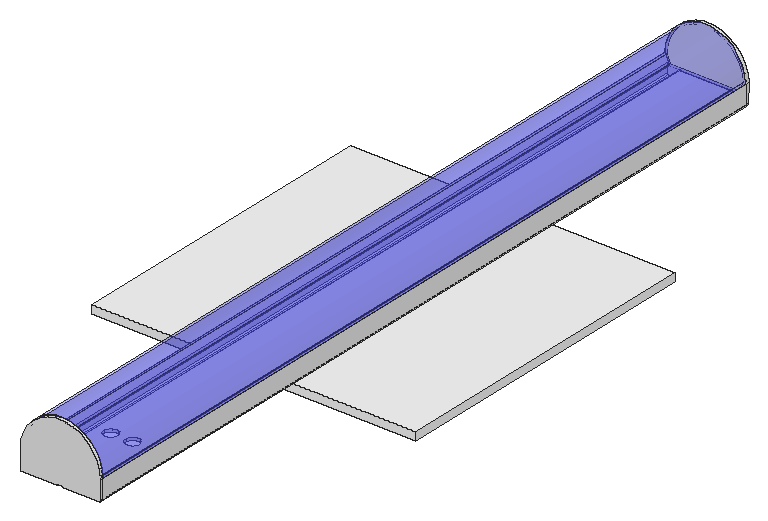
Revit family "BE_51246.3_de_DE", category Leuchten, Revit 2020
Family settings
  Basisbauteil = Fläche
  Bemaßung runder Anschluss = Durchmesser verwenden
  Teiletyp = Normal
  Beim Laden mit Abzugskörper schneiden = Ja
  Lichtquelle = Ja
  Gemeinsam genutzt = Nein
  Raumberechnungspunkt = Ja
Parameters (values of type "BEGA_51246.3_K3")
  built-in parameter 1150104 = 14.054 (stored number, unit not read)
  Wattage = 39 W
  Default Elevation = 0 mm
  built-in parameter 1150113 = 1 (stored number, unit not read)
  built-in parameter 1114218 = 1 (stored number, unit not read)
  Umgebungstemperatur = "25 °C"
  URL = "https://www.bega.com/de/produkt/51246.3"
  Typenkommentare = "© 2023 BEGA. Wir behalten uns das Recht vor, technische Änderungen ohne vorherige Ankündigung vorzunehmen."  # constant formula
  built-in parameter 1150134 = (empty or 0)
  built-in parameter 1150109 = 1 (stored number, unit not read)
  Strom = ""
  built-in parameter 1150110 = 1 (stored number, unit not read)
  Spannung = 239.996 V
  Sonderanfertigung = no
  Seriennummer [instance] = "Hier können Sie die eindeutige Seriennummer für das Facility Management eintragen."
  Schutzklasse = "I"
  Schutzart = "IP 44"
  Scheinlast = 0 VA
  Produktdatenblatt = "https://cdn.bega.com/bega/products/51246.3K3/current/documents/data-sheets/de"
  Oberflächentemperatur = ""
  Neigungswinkel = 0.00°
  Modell = "51246.3K3"
  Material_23 = BEGA_Oberfläche_Chrom_poliert
  Material_14 = BEGA_Kunststoff_opal
  M_W = no
  M_G = no
  M_A = no
  Logo = 0
  built-in parameter 1114217 = 1 (stored number, unit not read)
  built-in parameter 1150139 = (empty or 0)
  built-in parameter 1150105 = 469.5 (stored number, unit not read)
  built-in parameter 1150114 = 1 (stored number, unit not read)
  Lumens = 5899.92 lm
  built-in parameter 1150115 = 1 (stored number, unit not read)
  Leuchtenlichtstrom = "4172 lm"
  Leuchtenanzahl = ""
  Lebensdauerkriterien = "L70B50 @ 25 °C =  h"
  Lastklassifizierung = Beleuchtung
  built-in parameter 1150112 = 1 (stored number, unit not read)
  Lampenlichtstrom = "5900 lm"
  Lampe = "LED 39 W"
  LED_Modulbezeichnung = "2x LED-1306/930 + 4x LED-1307/930"
  Hersteller = "BEGA"  # constant formula
  Halbstreuwinkel = ""
  Gewicht = "2.95 kg"
  Gebrauchslageneinschränkung [instance] = ""
  Frequenz = "0/50-60 Hz"
  Farbwiedergabeindex = "CRI > 90"
  Farbtemperaturverschiebung bei Dämpfen der Lampe = <Keine Auswahl>
  Farbtemperatur = "3000 K"
  Color Filter = 16777215
  built-in parameter 1150133 = 10 (stored number, unit not read)
  Energieeffizienzklasse = "LED A++ - A"
  built-in parameter 1150137 = (empty or 0)
  built-in parameter 1150132 = (empty or 0)
  ENEC = ""
  Dimmbar [instance] = "DALI"
  Datei für fotometrisches Netz = "BE_51246.3K3.IES"
  CE_Konformität = "ja"
  Bestellnummer = "51246.3K3"
  Beschreibung_Sonderanfertigung = "Hier können Sie Informationen zur Sonderanfertigung eintragen."
  Beschreibung = "Wandleuchte"
  built-in parameter 1150106 = 4.695 (stored number, unit not read)
  Befestigungsbohrung = "Ø 4,8 mm"
  Befestigungsabstand = "900 x 81 mm"
  Ballwurfsicher = ""
  BEGA_Intern_aus = yes
  BEGA_Intern_an = yes
  BEGA_Intern_Konstruktion = yes
  BEGA_Intern = yes
  BEGA_IES = yes
  BEGA_Dummy = no
  Anschlussleitung = ""
  Anschlussleistung [instance] = "44 W"
  Anschlusskasten = ""
  built-in parameter 1150107 = 3000 (stored number, unit not read)
  built-in parameter 1150102 = (empty or 0)
  built-in parameter 1150138 = (empty or 0)
  Aktualisierung = "2023-01-31T04:00:04"
  Abstand_zur_angestrahlten_Fläche [instance] = ""
  AC/DC = "AC/DC"
Reference planes
  plane 1 "Mitte (Vorne/Hinten)": y = 0
  plane 2: z = 0
  plane 3 "Mitte (Links/Rechts)": x = 0
  plane 4 "Links": x = -50
  plane 5 "Rechts": x = 50
  plane 6 "Unten": y = -498.885
  plane 7 "Oben": y = 501.098
  plane 8 "Vorne": z = 75
  plane 9 "Hinten": z = 0
Forms (mm)
  Extrusion 1, solid, material "BEGA_Platte_Weiss"
    sketch origin (0, -1119.2, 0) x (1, 0, 0) y (0, 1, 0)
      loop
        line (-200, 1319.2) -> (-200, 919.2) -> (200, 919.2) -> (200, 1319.2) -> (-200, 1319.2)
    from 0 to -10
  Extrusion 2, solid, material "BEGA_Dummy_matt", visible <- "BEGA_Dummy"
    sketch origin (80.095, -76.023, 0) x (1, 0, 0) y (0, 1, 0)
      loop
        line (-130.095, 577.121) -> (-130.095, -422.862) -> (-30.095, -422.862) -> (-30.095, 577.121) -> (-130.095, 577.121)
    from 0 to 75
Dimensions and locks
  plane 1 "Mitte (Vorne/Hinten)" to Extrusion 1 = 200 mm
  Extrusion 2 to Extrusion 2 = 999.983 mm
  aligned and locked: Extrusion 1 to plane 2
  aligned and locked: Extrusion 1 to level
Nested families
  nested 1: "BE_51246.3_Leuchte" at (0, 0, 0), type "BE_51246.3_Leuchte"
Connectors
  electrical at (0, 0, 0), driven by "Lastklassifizierung", driven by "Spannung", driven by "Scheinlast"
    settings: index 1, voltage 239.996 V, apparent load 0 VA, apparent load phase1 0 VA, apparent load phase2 0 VA, apparent load phase3 0 VA, power factor 1, load classification "Beleuchtung", number of poles 1, system type 31, power factor state 1, is connector primary yes, connector utility no, sub classification motor no, connector description ""
Definition of nested family "BE_51246.3_Leuchte"
  Parameters (values of type "BE_51246.3_Leuchte")
    Default Elevation = 1 mm
    URL = "http://www.bega.de/de/produkt"
    Type Comments = "© 2015 BEGA. Wir behalten uns das Recht vor, technische Änderungen ohne vorherige Ankündigung vorzunehmen. "  # constant formula
    Type Image = (empty or 0)
    Material_23 = none
    Material_14 = none
    Länge_Platte = 200 mm  # constant formula
    Höhe_Platte = -10 mm  # constant formula
    Manufacturer = "BEGA"  # constant formula
    Breite_Platte = 200 mm  # constant formula
  Reference planes
    plane 1 "Mitte (Oben/Unten)": y = 0
    plane 2: z = 0
    plane 3 "Mitte (Links/Rechts)": x = 0
  Forms (mm)
    Extrusion 1, solid, detail levels medium
      sketch origin (0, 0, 0) x (1, 0, 0) y (0, 1, 0)
        loop
          line (-100, 100) -> (-100, -100) -> (100, -100) -> (100, 100) -> (-100, 100)
      from 0 to -10 <- "Höhe_Platte"
    Extrusion 2, solid, material <- "Material_23"
      sketch origin (0, 0, 0) x (1, 0, 0) y (0, 0, 1)
        loop
          line (33.15, 0) -> (48.107, 0) -> (48.8, 1.2) -> (50, 1.2) -> (50, 25.072) -> (46.2, 16.923) -> (47.5, 16.317) -> (47.5, 4)
          arc (47.5, 4) -> (47.061, 2.939) -> (46, 2.5) r 1.5
          line (46, 2.5) -> (35, 2.5) -> (32.16, 11.789)
          arc (32.16, 11.789) -> (31.799, 12.303) -> (31.203, 12.5) r 1
          line (31.203, 12.5) -> (-31.203, 12.5)
          arc (-31.203, 12.5) -> (-31.799, 12.303) -> (-32.16, 11.789) r 1
          line (-32.16, 11.789) -> (-35, 2.5) -> (-46, 2.5)
          arc (-46, 2.5) -> (-47.061, 2.939) -> (-47.5, 4) r 1.5
          line (-47.5, 4) -> (-47.5, 16.317) -> (-46.2, 16.923) -> (-50, 25.072) -> (-50, 1.2) -> (-48.8, 1.2) -> (-48.107, 0) -> (-33.15, 0) -> (-30.093, 10) -> (30.093, 10) -> (33.15, 0)
      from -496.898 to 495.607
    Extrusion 3, solid, material <- "Material_14"
      sketch origin (0, 0, 0) x (1, 0, 0) y (0, 0, 1)
        loop
          line (-50, 25.072) -> (-44.404, 13.072) -> (44.404, 13.072) -> (50, 25.072)
          arc (50, 25.072) -> (0, 75.072) -> (-50, 25.072) r 50
        loop
          line (-46.995, 25.728) -> (-42.493, 16.072) -> (42.493, 16.072) -> (46.995, 25.728)
          arc (46.995, 25.728) -> (0, 72.072) -> (-46.995, 25.728) r 47
      from -496.898 to 495.607
    Extrusion 4, solid, material <- "Material_23"
      sketch origin (0, 0, 0) x (1, 0, 0) y (0, 0, 1)
        loop
          line (3.833, 0.681) -> (48.5, 0.581)
          arc (48.5, 0.581) -> (49.207, 0.874) -> (49.5, 1.581) r 1
          line (49.5, 1.581) -> (49.5, 24.881)
          arc (49.5, 24.881) -> (0, 74.381) -> (-49.5, 24.881) r 49.5
          line (-49.5, 24.881) -> (-49.5, 1.581)
          arc (-49.5, 1.581) -> (-49.207, 0.874) -> (-48.5, 0.581) r 1
          line (-48.5, 0.581) -> (-3.873, 0.581)
          arc (-3.873, 0.581) -> (-3.14, 1.524) -> (-2, 1.881) r 2
          line (-2, 1.881) -> (2, 1.881)
          arc (2, 1.881) -> (3.095, 1.554) -> (3.833, 0.681) r 2
      from 498.885 to 495.607
    Extrusion 5, solid, material <- "Material_23"
      sketch origin (0, 0, 0) x (1, 0, 0) y (0, 0, -1)
        loop
          arc (3.833, -0.681) -> (3.095, -1.554) -> (2, -1.881) r 2
          line (2, -1.881) -> (-2, -1.881)
          arc (-2, -1.881) -> (-3.14, -1.524) -> (-3.873, -0.581) r 2
          line (-3.873, -0.581) -> (-48.5, -0.581)
          arc (-48.5, -0.581) -> (-49.207, -0.874) -> (-49.5, -1.581) r 1
          line (-49.5, -1.581) -> (-49.5, -24.881)
          arc (-49.5, -24.881) -> (0, -74.381) -> (49.5, -24.881) r 49.5
          line (49.5, -24.881) -> (49.5, -1.581)
          arc (49.5, -1.581) -> (49.207, -0.874) -> (48.5, -0.581) r 1
          line (48.5, -0.581) -> (3.833, -0.681)
      from 501.098 to 496.898
    Extrusion 6, void
      sketch origin (0, 0, 0) x (1, 0, 0) y (0, 1, 0)
        loop
          circle (-40.5, 450.248) r 2.4
        loop
          circle (40.5, 450.248) r 2.4
      from 0 to 11.067
    Extrusion 7, void
      sketch origin (0, 0, 0) x (1, 0, 0) y (0, 1, 0)
        loop
          circle (-40.5, -448.957) r 2.4
        loop
          circle (40.5, -448.957) r 2.4
        loop
          circle (13.5, -403.957) r 8.5
        loop
          circle (-13.5, -403.957) r 8.5
      from 0 to 12.491
  Cuts and joins
    Extrusion 6, Extrusion 7 cuts Extrusion 2
    Extrusion 6, Extrusion 7 cuts Extrusion 3
  Dimensions and locks
    equal spacing: Extrusion 1 sketch curve, plane 3 "Mitte (Links/Rechts)", Extrusion 1 sketch curve
    equal spacing: Extrusion 1 sketch curve, plane 1 "Mitte (Oben/Unten)", Extrusion 1 sketch curve
    "Länge_Platte": Extrusion 1 sketch curve to Extrusion 1 sketch curve
    "Breite_Platte": Extrusion 1 sketch curve to Extrusion 1 sketch curve
    plane 1 "Mitte (Oben/Unten)" to Extrusion 1 = 100 mm  (x3)
    Extrusion 5 to Extrusion 4 = 999.983 mm  (x2)
    Extrusion 4 to Extrusion 5 = 999.983 mm
    aligned and locked: Extrusion 1 to plane 2
    aligned and locked: level to Extrusion 1
    aligned and locked: Extrusion 2 to Extrusion 3
  Automatic sketch dimensions
    Extrusion 2 sketch curve to level = 0 mm  (x2)
    level to Extrusion 2 sketch curve = 1.2 mm  (x2)
    Extrusion 2 sketch curve to plane 3 "Mitte (Links/Rechts)" = 50 mm
    Extrusion 2 sketch curve to Extrusion 2 sketch curve = 1.2 mm
    Extrusion 2 sketch curve to Extrusion 2 sketch curve = 0.693 mm  (x2)
    level to Extrusion 2 sketch curve = 16.317 mm
    Extrusion 2 sketch curve to Extrusion 2 sketch curve = 2.5 mm
    level to Extrusion 2 sketch curve = 16.923 mm  (x2)
    Extrusion 2 sketch curve to Extrusion 2 sketch curve = 1.3 mm  (x2)
    Extrusion 2 sketch curve to Extrusion 2 sketch curve = 1.5 mm
    level to Extrusion 2 sketch curve = 2.5 mm  (x2)
    Extrusion 2 sketch curve to Extrusion 2 sketch curve = 11 mm  (x2)
    Extrusion 2 sketch curve to Extrusion 2 sketch curve = 1.85 mm  (x2)
    level to Extrusion 2 sketch curve = 11.789 mm  (x2)
    Extrusion 2 sketch curve to Extrusion 2 sketch curve = 2.84 mm
    Extrusion 2 sketch curve to Extrusion 2 sketch curve = 0.957 mm  (x2)
    Extrusion 2 sketch curve to Extrusion 2 sketch curve = 1.11 mm  (x2)
    level to Extrusion 2 sketch curve = 10 mm
    plane 3 "Mitte (Links/Rechts)" to Extrusion 2 sketch curve = 30.093 mm
    Extrusion 2 sketch curve to Extrusion 2 sketch curve = 3.057 mm
    Extrusion 2 sketch curve to Extrusion 2 sketch curve = 0.2 mm
    Extrusion 2 sketch curve to Extrusion 2 sketch curve = 2.107 mm
    Extrusion 2 sketch curve to Extrusion 2 sketch curve = 3.8 mm
    Extrusion 2 sketch curve to Extrusion 2 sketch curve = 0.289 mm
    Extrusion 2 sketch curve to Extrusion 2 sketch curve = 0.606 mm
    Extrusion 3 sketch curve to Extrusion 3 sketch curve = 0 mm  (x2)
    Extrusion 3 sketch curve to plane 3 "Mitte (Links/Rechts)" = 0 mm
    level to Extrusion 3 sketch curve = 16.072 mm
    Extrusion 3 sketch curve to plane 3 "Mitte (Links/Rechts)" = 42.493 mm
    level to Extrusion 3 sketch curve = 13.072 mm
    Extrusion 3 sketch curve to Extrusion 3 sketch curve = 1.911 mm  (x2)
    Extrusion 3 sketch curve to Extrusion 3 sketch curve = 4.502 mm
    Extrusion 3 sketch curve to Extrusion 3 sketch curve = 3.005 mm  (x2)
    Extrusion 3 sketch curve to Extrusion 3 sketch curve = 7.507 mm
    level to Extrusion 3 sketch curve = 25.728 mm
    level to Extrusion 3 sketch curve = 25.072 mm
    Extrusion 3 sketch curve to Extrusion 3 sketch curve = 0.655 mm
    Extrusion 3 sketch curve to Extrusion 3 sketch curve = 9 mm
    Extrusion 4 sketch curve to plane 3 "Mitte (Links/Rechts)" = 0 mm
    Extrusion 4 sketch curve to level = 0.119 mm  (x2)
    Extrusion 4 sketch curve to plane 3 "Mitte (Links/Rechts)" = 2 mm
    level to Extrusion 4 sketch curve = 0.581 mm  (x2)
    Extrusion 4 sketch curve to Extrusion 4 sketch curve = 1.873 mm
    Extrusion 4 sketch curve to Extrusion 4 sketch curve = 44.627 mm
    Extrusion 4 sketch curve to Extrusion 4 sketch curve = 1 mm  (x2)
    plane 3 "Mitte (Links/Rechts)" to Extrusion 4 sketch curve = 2 mm
    level to Extrusion 4 sketch curve = 0.681 mm
    Extrusion 4 sketch curve to Extrusion 4 sketch curve = 23.3 mm
    Extrusion 5 sketch curve to plane 3 "Mitte (Links/Rechts)" = 0 mm
    Extrusion 5 sketch curve to level = 0.119 mm  (x2)
    Extrusion 5 sketch curve to plane 3 "Mitte (Links/Rechts)" = 2 mm
    level to Extrusion 5 sketch curve = 0.581 mm
    Extrusion 5 sketch curve to Extrusion 5 sketch curve = 1.873 mm
    Extrusion 5 sketch curve to Extrusion 5 sketch curve = 44.627 mm
    Extrusion 5 sketch curve to Extrusion 5 sketch curve = 1 mm  (x2)
    plane 3 "Mitte (Links/Rechts)" to Extrusion 5 sketch curve = 2 mm
    level to Extrusion 5 sketch curve = 0.681 mm
    level to Extrusion 5 sketch curve = 24.881 mm
    level to Extrusion 5 sketch curve = 1.581 mm
